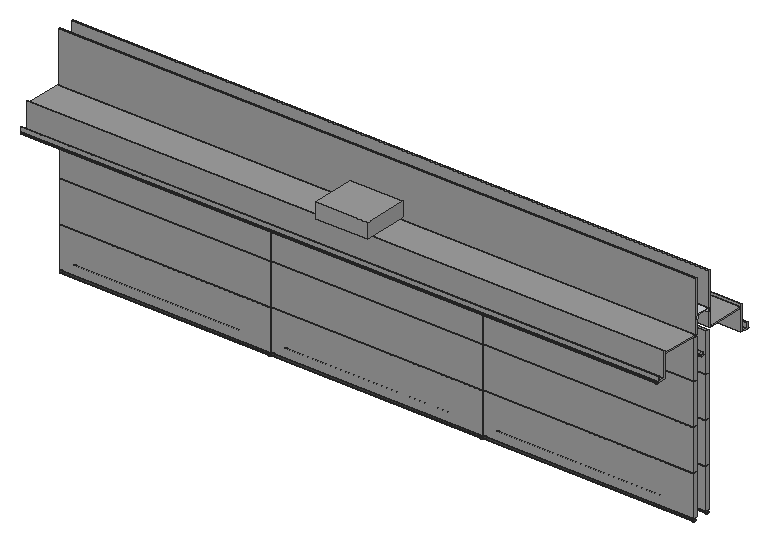
Revit family "Partition-4_Panels_High-Skyfold_Classic_Zenith-7-0_to_8-0_FC_2150_to_2440", category Generic Models, host Ceiling, Revit 2026
Family settings
  Host = Ceiling
  Can host rebar = No
  Round Connector Dimension = Use Diameter
  Part Type = Normal
  Always vertical = Yes
  Cut with Voids When Loaded = No
  Maintain Annotation Orientation = No
  Shared = No
  Room Calculation Point = No
Parameters (values of type "8' - 0"")
  Visibility Of Unfold Single Panel [instance] = and(not(Fold), Number Of Panels < 2)  # no
  Visibility Of Fold Single Panel [instance] = and(Fold, Number Of Panels < 2)  # no
  Visibility Of Fold Panels [instance] = and(Fold, Number Of Panels > 1)  # no
  URL = "http://www.skyfold.com/"
  Total Panel Height = ([Panel Height"F"] * 4) + 0' 1 1/2"  # 8' - 11 1/2"
  Pocket Material [instance] = Default
  Panel Array [instance] = if(Number Of Panels < 3, 2, Number Of Panels)  # 3
  Panel 4 Material [instance] = Default
  Panel 3 Material [instance] = Default
  Panel 2 Material [instance] = Default
  Offset Of Acoustic Barrier [instance] = Offset From Ceiling  # 0' - 0"
  Model = "Compact Drive System"
  Manufacturer = "Skyfold"
  Description = "Custom Powerlift Partitions"
  Default Elevation = 0' - 0"
  Center Pantograph Visibility [instance] = Number Of Panels > 2  # yes
  Visibility Of Single Pantograph [instance] = and(Number Of Panels = 2, Total Wall Length > 17' 0")  # no
  Total Wall Length [instance] = 35' - 0"
  Wall Thickness = 0' - 11 3/4"  # constant formula
  Unfold [instance] = and(not(Fold), Number Of Panels > 1)  # yes
  Pocket Width"E" = 5' - 2 3/4"
  Pocket Depth"D" = 1' - 2 1/2"
  Panel Length [instance] = (Total Wall Length - 0' 2" - (Number Of Panels - 1) * 0' 0 1/2") / Number Of Panels  # 11' - 7"
  Panel Height"F" = 2' - 2 1/2"
  Offset From Ceiling [instance] = 0' - 0"
  Center Pantographs [instance] = if(Number Of Panels < 3, 2, Number Of Panels - 1)  # 2
  Number Of Panels [instance] = (Total Wall Length / Max Panel Length) + 0.499  # 3
  Motor Positioning [instance] = if(or(Number Of Panels = 1, Total Wall Length < 17' 1", Number Of Panels = 3, Number Of Panels = 5, Number Of Panels = 7, Number Of Panels = 9, Number Of Panels = 11), (Total Wall Length / 2), (Total Wall Length / 2) - (Panel Length / 2))  # 17' - 6"
  Max Wall Length [instance] = 100' - 0"  # constant formula
  Max Panel Length [instance] = 12' - 0"  # constant formula
  Height Distance Between  Panels [instance] = [Panel Height"F"] + 0' 0 1/2"  # 2' - 3"
  Fold [instance] = no
  Distance From Acoustic Barrier = 0' - 2"  # constant formula
  Distance Between Panels [instance] = Panel Length + 0' 0 1/2"  # 11' - 7 1/2"
  Finished Ceiling"A" = 8' - 0"
  Panel 1 Material [instance] = Default
  Top Of Acoustic Barrier [instance] = 12' - 0"
  Assembly Code = ""
  Beam Height"B" = 10' - 2 1/4"
  Acoustic Barrier"C" = 9' - 2 1/2"
Reference planes (in)
  plane 1 "Center (Front/Back)": y = 0
  plane 2 "Ceiling": z = 96
  plane 3 "Center (Left/Right)": x = 0
  plane 4: y = -31.375
  plane 5: y = 31.375
  plane 6: y = -5.875
  plane 7: y = 5.875
  plane 8: x = 420
  plane 9: x = 1
  plane 10: x = 140.5
  plane 11: z = 96
  plane 12: z = 110.5
  plane 13: z = 0
  plane 14 "Beam height": z = 122.25
  plane 15: x = 210
  plane 16 "BOAB": z = 108.5
  plane 17: z = 96
Lines and regions (in)
  Opening 1
    outline origin (0, 3.93322, 96) x (1, 0, 0) y (0, 1, 0)
      loop
        line (0, 32.69178) -> (0, -40.55822) -> (420, -40.55822) -> (420, 32.69178) -> (0, 32.69178)
Dimensions and locks (in)
  equal spacing: host sketch curve, plane 3 "Center (Left/Right)", host sketch curve
  equal spacing: host sketch curve, plane 1 "Center (Front/Back)", host sketch curve
  host sketch curve to host sketch curve = 10' - 0"  (x2)
  plane 2 "Ceiling" to level = 7' - 0"
  equal spacing: plane 4, plane 1 "Center (Front/Back)", plane 5
  "Pocket Width"E"": plane 4 to plane 5
  equal spacing: plane 6, plane 1 "Center (Front/Back)", plane 7
  "Wall Thickness": plane 6 to plane 7
  "Total Wall Length": plane 8 to plane 3 "Center (Left/Right)"
  locked: plane 9 to plane 3 "Center (Left/Right)" at 1
  "Distance Between Panels": plane 10 to plane 9
  equal spacing: group 1, group 2, group 7  (x3)
  equal spacing: group 3, group 4, group 8  (x3)
  "Finished Ceiling"A"": plane 11 to plane 13
  "Beam Height"B"": plane 14 "Beam height" to plane 13
  locked: nested 8 to plane 3 "Center (Left/Right)" at 32
  locked: plane 8 to nested 9 at 32
  locked: nested 5 to nested 10 at 0.25
  group 5 to group 6 = 11' - 7 1/2"
  group 5 to group 6 = 0' - 0"  (x2)
  "Distance Between Panels": nested 11 to nested 10
  locked: plane 10 to nested 12 at 0.25
  "Motor Positioning": plane 15 to plane 3 "Center (Left/Right)"
  locked: plane 12 to plane 16 "BOAB" at 2
  "Offset From Ceiling": plane 11 to plane 17
  "Pocket Depth"D"": plane 12 to plane 17
  nested 1 to nested 1 = 2' - 3"
  aligned and locked: nested 1 to Opening 1 sketch curve
  aligned and locked: Opening 1 sketch curve to plane 8
  aligned and locked: plane 2 "Ceiling" to host ceiling
  aligned and locked: nested 2 to plane 1 "Center (Front/Back)"
  aligned and locked: plane 9 to nested 2
  aligned and locked: Opening 1 sketch curve to nested 1  (x2)
  aligned and locked: nested 1 to plane 3 "Center (Left/Right)"
  aligned and locked: plane 10 to nested 4
  aligned and locked: plane 10 to nested 5
  aligned and locked: plane 8 to nested 6
  aligned and locked: plane 3 "Center (Left/Right)" to nested 6
  aligned and locked: nested 13 to plane 1 "Center (Front/Back)"
  aligned and locked: plane 14 "Beam height" to nested 6
  aligned and locked: nested 1 to nested 6
  aligned and locked: plane 14 "Beam height" to nested 8
  aligned and locked: plane 14 "Beam height" to nested 12
  aligned and locked: plane 14 "Beam height" to nested 10
  aligned and locked: nested 11 to plane 14 "Beam height"
  aligned and locked: nested 9 to plane 14 "Beam height"
  aligned and locked: nested 14 to plane 1 "Center (Front/Back)"
  aligned and locked: nested 15 to nested 14
  aligned and locked: plane 9 to nested 15
  aligned and locked: nested 16 to nested 14
  aligned and locked: plane 9 to nested 16
  aligned and locked: plane 14 "Beam height" to nested 7
  aligned and locked: plane 15 to nested 7
  aligned and locked: nested 13 to plane 17
  aligned and locked: nested 3 to plane 17
  aligned and locked: nested 15 to plane 17
  aligned and locked: nested 5 to plane 17
  aligned and locked: plane 17 to nested 1
  aligned and locked: plane 2 "Ceiling" to plane 11
  aligned and locked: nested 2 to plane 16 "BOAB"
  aligned and locked: plane 16 "BOAB" to nested 14
  aligned and locked: plane 16 "BOAB" to nested 17
  aligned and locked: plane 4 to nested 21
  aligned and locked: nested 21 to plane 14 "Beam height"
  aligned and locked: nested 20 to plane 14 "Beam height"
  aligned and locked: plane 7 to nested 20
  aligned and locked: nested 19 to plane 11
  aligned and locked: plane 16 "BOAB" to nested 16
  aligned and locked: plane 5 to nested 19
Nested families (in)
  nested 1: "Pocket" at (0, -10.75, 97.30469), Offset <- "Offset Of Acoustic Barrier", Beam Height <- "Beam Height"B"", T.O. Acoustic Barrier <- "Top Of Acoustic Barrier", Total Wall Length <- "Total Wall Length", Pocket Material <- "Pocket Material", type "Pocket"
    with Total Wall Length 35' - 0", T.O. Acoustic Barrier 12' - 0", Pocket Material Default, Offset 0' - 0", Beam Height 10' - 2 1/4", Acoustic Barrier"C" 1' - 7 5/8", Pocket Width"E" 5' - 2 3/4", Pocket Depth"D" 1' - 2 1/2", Finished Ceiling"A" 8' - 0"
  nested 2: "5 panels group" at (1, 0, -125.48356), visible <- "Unfold", Panel 4 Material <- "Panel 4 Material", Panel 3 Material <- "Panel 3 Material", Panel 2 Material <- "Panel 2 Material", Panel 1 Material <- "Panel 1 Material", Panel Length <- "Panel Length", Total Panel Height <- "Total Panel Height", type "5 panels group"
    with Total Panel Height 8' - 11 1/2", Panel Length 11' - 7", Panel 4 Material Default, Panel 3 Material Default, Panel 2 Material Default, Panel 1 Material Default
  nested 3: "Horizontal panel" at (1, 12.57079, 84), visible <- "Visibility Of Fold Panels", Panel Material <- "Panel 4 Material", Panel Length <- "Panel Length", Panel Height <- "Panel Height"F"", type "Horizontal panel"
    with Panel Material Default, Panel Length 11' - 7", Panel Height 2' - 2 1/2"
  nested 4: "5 panels group" at (140.5, 0, -125.48356), visible <- "Unfold", Panel 4 Material <- "Panel 4 Material", Panel 3 Material <- "Panel 3 Material", Panel 2 Material <- "Panel 2 Material", Panel 1 Material <- "Panel 1 Material", Panel Length <- "Panel Length", Total Panel Height <- "Total Panel Height", type "5 panels group"
    with Total Panel Height 8' - 11 1/2", Panel Length 11' - 7", Panel 4 Material Default, Panel 3 Material Default, Panel 2 Material Default, Panel 1 Material Default
  nested 5: "Horizontal panel" at (140.5, 12.57079, 84), visible <- "Visibility Of Fold Panels", Panel Material <- "Panel 4 Material", Panel Length <- "Panel Length", Panel Height <- "Panel Height"F"", type "Horizontal panel"
    with Panel Material Default, Panel Length 11' - 7", Panel Height 2' - 2 1/2"
  nested 6: "Beam" at (0, -10.75, 103.55469), type "Pocket"
    with Total_Wall_Length 35' - 0"
  nested 7: "Motor" at (193, -23, 112.25), type "Compact"
  nested 8: "Pantograph" at (54.25, -4, 109.96875) x (0, 1, 0) z (0, 0, 1), type "Pantograph"
  nested 9: "Pantograph" at (410.25, -4, 109.96875) x (0, 1, 0) z (0, 0, 1), type "Pantograph"
  nested 10: "Pantograph" at (162.5, -4, 109.96875) x (0, 1, 0) z (0, 0, 1), visible <- "Center Pantograph Visibility", type "Pantograph"
    with Visibility Of Single Pantograph yes
  nested 11: "Pantograph" at (302, -4, 109.96875) x (0, 1, 0) z (0, 0, 1), visible <- "Center Pantograph Visibility", type "Pantograph"
    with Visibility Of Single Pantograph yes
  nested 12: "Pantograph" at (162.5, -4, 109.96875) x (0, 1, 0) z (0, 0, 1), visible <- "Visibility Of Single Pantograph", type "Pantograph"
  nested 13: "2D Fold Panels" at (1, 2.48811, 96) x (0, 1, 0) z (1, 0, 0), visible <- "Fold", Panel_Height <- "Panel Height"F"", type "Complete Panels"
    with Panel_Height 2' - 2 1/2"
  nested 14: "2D Unfold Panels" at (1, -0.69511, 18.09375) x (0, 1, 0) z (1, 0, 0), visible <- "Unfold", type "Unfold panels"
  nested 15: "Horizontal panel" at (1, 12.57079, 84), visible <- "Visibility Of Fold Single Panel", Panel Material <- "Panel 1 Material", Panel Length <- "Panel Length", Panel Height <- "Panel Height"F"", type "Horizontal panel"
    with Panel Material Default, Panel Length 11' - 7", Panel Height 2' - 2 1/2"
  nested 16: "5 panels group" at (1, 0, -125.48356), visible <- "Visibility Of Unfold Single Panel", Panel 4 Material <- "Panel 4 Material", Panel 3 Material <- "Panel 3 Material", Panel 2 Material <- "Panel 2 Material", Panel 1 Material <- "Panel 1 Material", Panel Length <- "Panel Length", Total Panel Height <- "Total Panel Height", type "5 panels group"
    with Total Panel Height 8' - 11 1/2", Panel Length 11' - 7", Panel 4 Material Default, Panel 3 Material Default, Panel 2 Material Default, Panel 1 Material Default
  nested 17: "5 panels group" at (280, 0, -125.48356), visible <- "Unfold", Panel 4 Material <- "Panel 4 Material", Panel 3 Material <- "Panel 3 Material", Panel 2 Material <- "Panel 2 Material", Panel 1 Material <- "Panel 1 Material", Panel Length <- "Panel Length", Total Panel Height <- "Total Panel Height", type "5 panels group"
    with Total Panel Height 8' - 11 1/2", Panel Length 11' - 7", Panel 4 Material Default, Panel 3 Material Default, Panel 2 Material Default, Panel 1 Material Default
  nested 18: "Horizontal panel" at (280, 12.57079, 84), visible <- "Visibility Of Fold Panels", Panel Material <- "Panel 4 Material", Panel Length <- "Panel Length", Panel Height <- "Panel Height"F"", type "Horizontal panel"
    with Panel Material Default, Panel Length 11' - 7", Panel Height 2' - 2 1/2"
  nested 19: "Suspended Ceiling Component" at (420, 31.375, 96) x (0, 1, 0) z (1, 0, 0), type "Suspended Ceiling Component"
  nested 20: "construction as per ASTM E557 Component" at (420, 5.875, 122.25) x (0, 1, 0) z (1, 0, 0), type "construction as per ASTM E557 Component"
  nested 21: "Disclaimer Component" at (420, -31.375, 122.25) x (0, 1, 0) z (1, 0, 0), type "Disclaimer Component"
Definition of nested family "Pocket"
  Parameters
    Total Wall Length [instance] = 35' - 0"
    T.O. Acoustic Barrier [instance] = 11' - 0"
    Pocket Width"E" = 4' - 8 5/8"
    Pocket Material [instance] = none
    Pocket Depth"D" = 1' - 2 1/4"
    Offset [instance] = 0' - 0 1/2"
    Finished Ceiling"A" = 7' - 0"
    Default Elevation = 0' - 0"
    Beam Height [instance] = 10' - 0"
    Assembly Code = ""
    Acoustic Barrier"C" [instance] = 1' - 7 5/8"
  Reference planes (in)
    plane 1 "Center (Front/Back)": y = 10.75
    plane 2: z = 12.94531
    plane 3 "Center (Left/Right)": x = 0
    plane 4: z = -1.30469
    plane 5: y = -17.5625
    plane 6: y = 39.0625
    plane 7: y = -22.8125
    plane 8: y = 44.3125
    plane 9: z = 2.32031
    plane 10: y = 4.75
    plane 11: y = 16.75
    plane 12: x = 420
    plane 13: z = 64.69531
    plane 14: z = 71.18777
    plane 15: z = 46.69531
    plane 16: z = -85.30469
    plane 17: x = 12.89513
    plane 18: x = 203.52734
    plane 19: z = 34.69531
    plane 20: z = 47.19531
  Forms (in)
    Extrusion 1, solid, material <- "Pocket Material"
      sketch origin (0, 0, 0) x (0, 1, 0) y (0, 0, 1)
        loop
          line (-22.8125, 2.32031) -> (-22.8125, -1.30469) -> (-17.5625, -1.30469) -> (-17.5625, 15.19531) -> (-18.1875, 15.19531) -> (-18.1875, -0.67969) -> (-22.1875, -0.67969) -> (-22.1875, 2.32031) -> (-22.8125, 2.32031)
        loop
          line (-17.34375, 12.94531) -> (4.53125, 12.94531) -> (4.53125, 13.57031) -> (-17.34375, 13.57031) -> (-17.34375, 12.94531)
      from 0 to 420
    Extrusion 2, solid, material <- "Pocket Material"
      sketch origin (0, 0, 0) x (0, 1, 0) y (0, 0, 1)
        loop
          line (9.75, -1.30469) -> (11.75, -1.30469) -> (11.75, -1.05469) -> (10.875, -1.05469) -> (10.875, 0.69531) -> (10.625, 0.69531) -> (10.625, -1.05469) -> (9.75, -1.05469) -> (9.75, -1.30469)
      from 0 to 420
    Extrusion 3, solid, material <- "Pocket Material"
      sketch origin (0, 0, 0) x (0, 1, 0) y (0, 0, 1)
        loop
          line (4.75, 12.94531) -> (5.75, 12.94531) -> (5.75, 47.19531) -> (4.75, 47.19531) -> (4.75, 12.94531)
      from 0 to 420
    Extrusion 4, solid, material <- "Pocket Material"
      sketch origin (0, 21.5, 0) x (0, -1, 0) y (0, 0, -1)
        loop
          line (4.75, -12.94531) -> (4.75, -47.19531) -> (5.75, -47.19531) -> (5.75, -12.94531) -> (4.75, -12.94531)
      from 0 to 420
    Extrusion 5, solid
      sketch origin (420, 0, 0) x (0, 1, 0) y (0, 0, 1)
        loop
          line (-17.5625, 13.64844) -> (-17.5625, 12.85156) -> (-16.8125, 12.85156) -> (-16.8125, 12.94531) -> (-17.46875, 12.94531) -> (-17.46875, 13.64844) -> (-17.5625, 13.64844)
      from -420 to 0
    Extrusion 6, solid, material <- "Pocket Material"
      sketch origin (420, -21.98359, 0) x (0, -1, 0) y (0, 0, -1)
        loop
          line (-26.73359, -13.64844) -> (-26.63984, -13.64844) -> (-26.63984, -12.94531) -> (-25.98359, -12.94531) -> (-25.98359, -12.85156) -> (-26.73359, -12.85156) -> (-26.73359, -13.64844)
      from -420 to 0
    Extrusion 7, solid, material <- "Pocket Material"
      sketch origin (420, -57.55768, -19.35805) x (0, -1, 0) y (0, 0, -1)
        loop
          line (-34.74518, -18.75649) -> (-34.65143, -18.75649) -> (-34.65143, -18.05336) -> (-33.99518, -18.05336) -> (-33.99518, -17.95961) -> (-34.74518, -17.95961) -> (-34.74518, -18.75649)
      from -420 to 0
    Extrusion 8, solid, material <- "Pocket Material"
      sketch origin (0, 21.5, 0) x (0, -1, 0) y (0, 0, -1)
        loop
          line (-22.8125, -2.32031) -> (-22.1875, -2.32031) -> (-22.1875, 0.67969) -> (-18.1875, 0.67969) -> (-18.1875, -15.19531) -> (-17.5625, -15.19531) -> (-17.5625, 1.30469) -> (-22.8125, 1.30469) -> (-22.8125, -2.32031)
        loop
          line (-17.34375, -12.94531) -> (-17.34375, -13.57031) -> (4.53125, -13.57031) -> (4.53125, -12.94531) -> (-17.34375, -12.94531)
      from 0 to 420
    Extrusion 9, solid, material <- "Pocket Material"
      sketch origin (420, 21.5, 0) x (0, -1, 0) y (0, 0, -1)
        loop
          line (-17.5625, -13.64844) -> (-17.46875, -13.64844) -> (-17.46875, -12.94531) -> (-16.8125, -12.94531) -> (-16.8125, -12.85156) -> (-17.5625, -12.85156) -> (-17.5625, -13.64844)
      from -420 to 0
    Extrusion 10, solid, material <- "Pocket Material"
      sketch origin (420, 43.48359, 0) x (0, 1, 0) y (0, 0, 1)
        loop
          line (-26.73359, 13.64844) -> (-26.73359, 12.85156) -> (-25.98359, 12.85156) -> (-25.98359, 12.94531) -> (-26.63984, 12.94531) -> (-26.63984, 13.64844) -> (-26.73359, 13.64844)
      from -420 to 0
    Extrusion 11, solid, material <- "Pocket Material"
      sketch origin (420, 79.05768, -19.35805) x (0, 1, 0) y (0, 0, 1)
        loop
          line (-34.74518, 18.75649) -> (-34.74518, 17.95961) -> (-33.99518, 17.95961) -> (-33.99518, 18.05336) -> (-34.65143, 18.05336) -> (-34.65143, 18.75649) -> (-34.74518, 18.75649)
      from -420 to 0
  Lines and regions (in)
    symbolic lines
      curve 1: line (420, -22.1875, -0.67969) -> (420, -18.1875, -0.67969)
      curve 2: line (420, -22.1875, 47.19531) -> (420, -22.1875, -0.67969)
      curve 3: line (420, -18.1875, 47.19531) -> (420, -22.1875, 47.19531)
      curve 4: line (420, -18.1875, -0.67969) -> (420, -18.1875, 47.19531)
      curve 5: line (420, 43.6875, -0.67969) -> (420, 39.6875, -0.67969)
      curve 6: line (420, 43.6875, 47.19531) -> (420, 43.6875, -0.67969)
      curve 7: line (420, 39.6875, 47.19531) -> (420, 43.6875, 47.19531)
      curve 8: line (420, 39.6875, -0.67969) -> (420, 39.6875, 47.19531)
    symbolic lines, detail levels medium+fine
      curve 9: line (420, 5.25, 47.19531) -> (420, 5.25, 12.94531)
      curve 10: line (420, 16.25, 12.94531) -> (420, 16.25, 47.19531)
  Dimensions and locks (in)
    locked: plane 7 to plane 5 at 5.25
    locked: plane 9 to plane 4 at 3.625
    locked: plane 6 to plane 8 at 5.25
    plane 10 to plane 1 "Center (Front/Back)" = 0' - 6"
    plane 10 to plane 11 = 1' - 0"
    "Pocket Width"E"": plane 5 to plane 6
    equal spacing: plane 5, plane 1 "Center (Front/Back)", plane 6
    "Finished Ceiling"A"": plane 4 to level
    locked: plane 7 to Extrusion 1 sketch curve at 0.625
    locked: Extrusion 1 sketch curve to plane 4 at 0.625
    locked: Extrusion 1 sketch curve to Extrusion 1 sketch curve at 0.625
    Extrusion 1 sketch curve to Extrusion 1 sketch curve = 0' - 0 5/8"
    "Total Wall Length": plane 12 to plane 3 "Center (Left/Right)"
    equal spacing: Extrusion 2 sketch curve, plane 1 "Center (Front/Back)", Extrusion 2 sketch curve  (x2)
    locked: Extrusion 2 sketch curve to plane 4 at 2
    locked: Extrusion 2 sketch curve to plane 4 at 0.25
    locked: Extrusion 2 sketch curve to plane 1 "Center (Front/Back)" at 0.125
    locked: Extrusion 1 sketch curve to Extrusion 1 sketch curve at 0.21875
    Extrusion 1 sketch curve to plane 2 = 0' - 2 1/4"
    locked: plane 10 to Extrusion 3 sketch curve at 1
    "Pocket Depth"D"": plane 2 to plane 4
    locked: plane 13 to plane 16 at 150
    "T.O. Acoustic Barrier": plane 15 to plane 16
    locked: plane 18 to plane 3 "Center (Left/Right)" at 203.52734
    "Beam Height": plane 19 to plane 16
    plane 4 to plane 16 = 7' - 0"
    Extrusion 1 to Extrusion 1 to plane 5 = 0' - 0 5/8", 0' - 0"
    Extrusion 1 sketch curve to Extrusion 1 sketch curve = 0' - 1 5/8"
    locked: Extrusion 1 sketch curve to plane 10 at 0.21875
    locked: Extrusion 5 sketch curve to Extrusion 5 sketch curve at 0.09375  (x2)
    locked: Extrusion 5 sketch curve to Extrusion 5 sketch curve at 0.79688
    locked: Extrusion 5 sketch curve to Extrusion 5 sketch curve at 0.75
    locked: Extrusion 6 sketch curve to Extrusion 6 sketch curve at 0.09375  (x2)
    locked: Extrusion 6 sketch curve to Extrusion 6 sketch curve at 0.79688
    locked: Extrusion 6 sketch curve to Extrusion 6 sketch curve at 0.75
    locked: Extrusion 7 sketch curve to Extrusion 7 sketch curve at 0.09375  (x2)
    locked: Extrusion 7 sketch curve to Extrusion 7 sketch curve at 0.79688
    locked: Extrusion 7 sketch curve to Extrusion 7 sketch curve at 0.75
    locked: Extrusion 8 sketch curve to Extrusion 8 sketch curve at 0.625
    Extrusion 8 sketch curve to Extrusion 8 sketch curve = 0' - 0 5/8"
    locked: Extrusion 8 sketch curve to Extrusion 8 sketch curve at 0.21875
    Extrusion 8 sketch curve to Extrusion 8 sketch curve = 0' - 1 5/8"
    locked: Extrusion 9 sketch curve to Extrusion 9 sketch curve at 0.09375  (x2)
    locked: Extrusion 9 sketch curve to Extrusion 9 sketch curve at 0.79688
    locked: Extrusion 9 sketch curve to Extrusion 9 sketch curve at 0.75
    locked: Extrusion 10 sketch curve to Extrusion 10 sketch curve at 0.09375  (x2)
    locked: Extrusion 10 sketch curve to Extrusion 10 sketch curve at 0.79688
    locked: Extrusion 10 sketch curve to Extrusion 10 sketch curve at 0.75
    locked: Extrusion 11 sketch curve to Extrusion 11 sketch curve at 0.09375  (x2)
    locked: Extrusion 11 sketch curve to Extrusion 11 sketch curve at 0.79688
    locked: Extrusion 11 sketch curve to Extrusion 11 sketch curve at 0.75
    "Offset": plane 20 to plane 15
    aligned and locked: plane 12 to Extrusion 1
    aligned and locked: Extrusion 2 sketch curve to Extrusion 2 sketch curve
    aligned and locked: Extrusion 2 to plane 3 "Center (Left/Right)"
    aligned and locked: plane 12 to Extrusion 2
    aligned and locked: Extrusion 3 sketch curve to plane 2
    aligned and locked: Extrusion 3 sketch curve to plane 10
    aligned: plane 15 to Extrusion 4
    aligned: plane 15 to Extrusion 3
    aligned and locked: plane 12 to Extrusion 3
    aligned and locked: plane 12 to Extrusion 4
    aligned and locked: plane 16 to level
    aligned and locked: curve 1 to Extrusion 1  (x2)
    aligned and locked: curve 4 to Extrusion 1
    aligned and locked: plane 5 to Extrusion 5
    aligned and locked: plane 2 to Extrusion 5
    aligned and locked: plane 10 to Extrusion 6
    aligned and locked: plane 2 to Extrusion 6
    aligned and locked: plane 7 to Extrusion 7
    aligned and locked: plane 4 to Extrusion 7
    aligned and locked: plane 6 to Extrusion 9
    aligned and locked: plane 4 to Extrusion 11
    aligned and locked: Extrusion 11 to plane 8
    aligned and locked: plane 12 to Extrusion 5
    aligned and locked: plane 12 to Extrusion 6
    aligned and locked: Extrusion 10 to plane 3 "Center (Left/Right)"
    aligned and locked: Extrusion 6 to plane 3 "Center (Left/Right)"
    aligned and locked: Extrusion 5 to plane 3 "Center (Left/Right)"
    aligned and locked: plane 12 to Extrusion 10
    aligned and locked: plane 12 to Extrusion 9
    aligned and locked: Extrusion 9 to plane 3 "Center (Left/Right)"
    aligned and locked: plane 12 to Extrusion 7
    aligned and locked: plane 12 to Extrusion 11
    aligned and locked: Extrusion 7 to plane 3 "Center (Left/Right)"
    aligned and locked: Extrusion 11 to plane 3 "Center (Left/Right)"
    aligned and locked: Extrusion 8 to curve 8
    aligned and locked: curve 6 to Extrusion 8
    aligned and locked: curve 5 to Extrusion 8
    aligned and locked: plane 12 to Extrusion 8
    aligned and locked: Extrusion 1 to plane 3 "Center (Left/Right)"
    aligned and locked: Extrusion 8 to plane 3 "Center (Left/Right)"
    aligned and locked: plane 20 to curve 3
    aligned and locked: curve 7 to plane 20
    aligned and locked: plane 20 to Extrusion 4
    aligned and locked: plane 20 to Extrusion 3
  Automatic sketch dimensions
    Extrusion 1 sketch curve to plane 4 = 0' - 0"
    Extrusion 1 sketch curve to plane 7 = 0' - 0"
    Extrusion 1 sketch curve to plane 5 = 0' - 0"
    Extrusion 1 sketch curve to plane 9 = 0' - 0"
    Extrusion 2 sketch curve to plane 4 = 0' - 0"
    Extrusion 2 sketch curve to Extrusion 2 sketch curve = 0' - 0 7/8"
    plane 15 to Extrusion 3 sketch curve = 0' - 0 1/2"
    Extrusion 4 sketch curve to plane 11 = 0' - 0"
    Extrusion 4 sketch curve to plane 15 = 0' - 0 1/2"
    Extrusion 4 sketch curve to plane 2 = 0' - 0"
    plane 11 to Extrusion 4 sketch curve = 0' - 1"
    Extrusion 5 sketch curve to Extrusion 3 = 0' - 0"
    Extrusion 3 to Extrusion 5 sketch curve = 1' - 10 5/16"
    Extrusion 6 sketch curve to Extrusion 3 = 0' - 0"  (x2)
    Extrusion 3 to Extrusion 7 sketch curve = 2' - 3 9/16"
    Extrusion 3 to Extrusion 7 sketch curve = 1' - 1 35/64"
    Extrusion 8 sketch curve to plane 4 = 0' - 0"
    Extrusion 8 sketch curve to plane 8 = 0' - 0"
    Extrusion 8 sketch curve to plane 9 = 0' - 0"
    Extrusion 8 sketch curve to plane 6 = 0' - 0"
    Extrusion 8 sketch curve to plane 2 = 0' - 0"
    Extrusion 8 sketch curve to Extrusion 8 sketch curve = 0' - 0 5/8"
    Extrusion 8 sketch curve to plane 11 = 0' - 0 7/32"
    Extrusion 8 sketch curve to plane 4 = 0' - 0 5/8"
    Extrusion 3 to Extrusion 9 sketch curve = 0' - 0"
    Extrusion 3 to Extrusion 9 sketch curve = 2' - 9 5/16"
    Extrusion 3 to Extrusion 10 sketch curve = 0' - 0"
    Extrusion 3 to Extrusion 10 sketch curve = 0' - 11"
    Extrusion 3 to Extrusion 11 sketch curve = 1' - 2 11/32"
    Extrusion 3 to Extrusion 11 sketch curve = 3' - 2 9/16"
    Extrusion 3 to curve 9 = 0' - 0"
    curve 9 to Extrusion 3 = 0' - 0"
    Extrusion 3 to curve 10 = 0' - 0"  (x2)
    curve 9 to Extrusion 3 = 0' - 0 1/2"
    Extrusion 3 to curve 10 = 0' - 10 1/2"
Definition of nested family "5 panels group"
  Parameters
    Total Panel Height [instance] = 9' - 2 3/4"
    Panel Length [instance] = 3' - 0"
    Panel Height = 2' - 2 1/2"
    Panel 4 Material [instance] = none
    Panel 3 Material [instance] = none
    Panel 2 Material [instance] = none
    Panel 1 Material [instance] = none
    Height Between Panels = Panel Height + 0' 0 1/2"  # 2' - 3"
    Folded Width = 0' - 11 3/4"
    Default Elevation = 0' - 0"
    Assembly Code = ""
  Reference planes (in)
    plane 1 "Center (Front/Back)": y = 0
    plane 2: z = 0
    plane 3 "Center (Left/Right)": x = 0
    plane 4: y = 5.875
    plane 5: z = 235.10856
    plane 6: y = -5.875
    plane 7: x = 36
    plane 8: z = 124.35856
    plane 9: z = 208.10856
    plane 10: z = 181.10856
    plane 11: z = 154.10856
    plane 12: z = 233.98356
  Forms (in)
    Extrusion 1, solid
      sketch origin (0, 1.79895, 58.50004) x (0, 1, 0) y (0, 0, 1)
        loop
          line (-6.80477, 64.17842) -> (-7.05382, 65.60852) -> (-6.92395, 65.60852) -> (-6.92395, 65.85854) -> (-7.67395, 65.85854) -> (-7.67395, 65.60852) -> (-7.41508, 65.60852) -> (-7.66413, 64.17842)
          arc (-7.66413, 64.17842) -> (-7.23445, 63.74874) -> (-6.80477, 64.17842) r 0.42968
      from 0 to 36
    Extrusion 2, solid
      sketch origin (0, -1.79895, 58.50004) x (0, -1, 0) y (0, 0, -1)
        loop
          arc (-6.80477, -64.17842) -> (-7.23445, -63.74874) -> (-7.66413, -64.17842) r 0.42968
          line (-7.66413, -64.17842) -> (-7.41508, -65.60852) -> (-7.67395, -65.60852) -> (-7.67395, -65.85854) -> (-6.92395, -65.85854) -> (-6.92395, -65.60852) -> (-7.05382, -65.60852) -> (-6.80477, -64.17842)
      from 0 to 36
  Dimensions and locks (in)
    equal spacing: plane 6, plane 1 "Center (Front/Back)", plane 4
    "Folded Width": plane 6 to plane 4
    "Panel Length": plane 7 to plane 3 "Center (Left/Right)"
    "Total Panel Height": plane 5 to plane 8
    equal spacing: plane 5, plane 9, plane 10, plane 11
    "Height Between Panels": plane 5 to plane 9
    locked: plane 5 to plane 12 at 1.125
    aligned: plane 4 to nested 1
    aligned: plane 6 to nested 2
    aligned and locked: plane 3 "Center (Left/Right)" to nested 1
    aligned and locked: plane 7 to Extrusion 1
    aligned and locked: Extrusion 1 to plane 3 "Center (Left/Right)"
    aligned and locked: Extrusion 1 to plane 6
    aligned and locked: Extrusion 2 to plane 3 "Center (Left/Right)"
    aligned and locked: plane 7 to Extrusion 2
    aligned and locked: plane 9 to nested 3
    aligned and locked: nested 4 to plane 9
    aligned and locked: plane 10 to nested 5
    aligned and locked: nested 6 to plane 10
    aligned and locked: plane 11 to nested 7
    aligned and locked: nested 8 to plane 11
    aligned: nested 2 to plane 12
    aligned: plane 12 to nested 1
    aligned and locked: nested 2 to plane 12
    aligned and locked: plane 12 to nested 1
    aligned and locked: plane 6 to nested 2
    aligned and locked: plane 6 to nested 4
    aligned and locked: plane 6 to nested 6
    aligned and locked: plane 6 to nested 8
    aligned and locked: plane 4 to nested 7
    aligned and locked: plane 4 to nested 5
    aligned and locked: plane 4 to nested 3
    aligned and locked: plane 4 to nested 1
  Automatic sketch dimensions
    Extrusion 1 sketch curve to plane 6 = 0' - 0"
    plane 6 to Extrusion 1 sketch curve = 0' - 0.00982"
    Extrusion 1 sketch curve to Extrusion 1 sketch curve = 0' - 0.25887"
    Extrusion 1 sketch curve to Extrusion 1 sketch curve = 0' - 0 55/128"
    Extrusion 1 sketch curve to plane 8 = 0' - 0 1/4"  (x2)
    Extrusion 1 sketch curve to Extrusion 1 sketch curve = 0' - 0.36126"
    plane 8 to Extrusion 1 sketch curve = 0' - 0"
    Extrusion 1 sketch curve to Extrusion 1 sketch curve = 0' - 0.12987"
    Extrusion 1 sketch curve to Extrusion 1 sketch curve = 0' - 1.4301"
    Extrusion 2 sketch curve to plane 4 = 0' - 0"
    plane 4 to Extrusion 2 sketch curve = 0' - 0.00982"
    Extrusion 2 sketch curve to Extrusion 2 sketch curve = 0' - 0.25887"
    Extrusion 2 sketch curve to Extrusion 2 sketch curve = 0' - 0 55/128"
    plane 8 to Extrusion 2 sketch curve = 0' - 0 1/4"  (x2)
    Extrusion 2 sketch curve to Extrusion 2 sketch curve = 0' - 0.36126"
    Extrusion 2 sketch curve to plane 8 = 0' - 0"
    Extrusion 2 sketch curve to Extrusion 2 sketch curve = 0' - 0.12987"
    Extrusion 2 sketch curve to Extrusion 2 sketch curve = 0' - 1.4301"
  Nested families (in)
    nested 1: "Top panel" at (0, 3.625, 208.60856), Panel Length <- "Panel Length", Panel Height <- "Panel Height", Panel Material <- "Panel 1 Material", type "Panneau_top"
      with Panel Material none, Panel Length 3' - 0", Panel Height 2' - 2 1/2"
    nested 2: "Top panel" at (0, -3.625, 208.60856), Panel Length <- "Panel Length", Panel Height <- "Panel Height", Panel Material <- "Panel 1 Material", type "Panneau_top"
      with Panel Material none, Panel Length 3' - 0", Panel Height 2' - 2 1/2"
    nested 3: "Panneau_top" at (0, 3.625, 181.60856), panel_height <- "Panel Height", panel_length <- "Panel Length", Panel_Material <- "Panel 2 Material", type "Panneau_top"
      with panel_length 3' - 0", panel_height 2' - 2 1/2", Panel_Material none
    nested 4: "Panneau_top" at (0, -3.625, 181.60856), panel_height <- "Panel Height", panel_length <- "Panel Length", Panel_Material <- "Panel 2 Material", type "Panneau_top"
      with panel_length 3' - 0", panel_height 2' - 2 1/2", Panel_Material none
    nested 5: "Panneau_top" at (0, 3.625, 154.60856), panel_height <- "Panel Height", panel_length <- "Panel Length", Panel_Material <- "Panel 3 Material", type "Panneau_top"
      with panel_length 3' - 0", panel_height 2' - 2 1/2", Panel_Material none
    nested 6: "Panneau_top" at (0, -3.625, 154.60856), panel_height <- "Panel Height", panel_length <- "Panel Length", Panel_Material <- "Panel 3 Material", type "Panneau_top"
      with panel_length 3' - 0", panel_height 2' - 2 1/2", Panel_Material none
    nested 7: "Panneau_top" at (0, 3.625, 127.60856), panel_height <- "Panel Height", panel_length <- "Panel Length", Panel_Material <- "Panel 4 Material", type "Panneau_top"
      with panel_length 3' - 0", panel_height 2' - 2 1/2", Panel_Material none
    nested 8: "Panneau_top" at (0, -3.625, 127.60856), panel_height <- "Panel Height", panel_length <- "Panel Length", Panel_Material <- "Panel 4 Material", type "Panneau_top"
      with panel_length 3' - 0", panel_height 2' - 2 1/2", Panel_Material none
  Definition of nested family "Top panel"
    Parameters
      Panel Length [instance] = 4' - 0"
      Panel Height [instance] = 4' - 0"
      Panel Material [instance] = none
      Default Elevation = 0' - 0"
      Assembly Code = ""
    Reference planes (in)
      plane 1 "Center (Front/Back)": y = 0
      plane 2: z = 0
      plane 3 "Center (Left/Right)": x = 0
      plane 4: z = 48
      plane 5: x = 48
      plane 6: z = 46.875
    Forms (in)
      Extrusion 1, solid, material <- "Panel Material"
        sketch origin (0, 1.5, 0) x (0, 1, 0) y (0, 0, 1)
          loop
            line (-1.5, 46.875) -> (-1.5, 0) -> (0.75, 0) -> (0.75, 46.875) -> (-1.5, 46.875)
        from 0 to 48
    Dimensions and locks (in)
      "Panel Length": plane 5 to plane 3 "Center (Left/Right)"
      "Panel Height": plane 4 to plane 2
      locked: plane 1 "Center (Front/Back)" to Extrusion 1 at 2.25
      locked: plane 4 to plane 6 at 1.125
      aligned: plane 4 to Extrusion 1
      aligned and locked: plane 5 to Extrusion 1
      aligned and locked: Extrusion 1 sketch curve to plane 2
      aligned and locked: plane 1 "Center (Front/Back)" to Extrusion 1
      aligned and locked: plane 6 to Extrusion 1
    Automatic sketch dimensions
      Extrusion 1 sketch curve to plane 4 = 0' - 1 1/8"
      Extrusion 1 sketch curve to Extrusion 1 sketch curve = 0' - 2 1/4"
      Extrusion 1 sketch curve to plane 1 "Center (Front/Back)" = 0' - 0"
  Definition of nested family "Panneau_top"
    Parameters
      panel_length [instance] = 4' - 0"
      panel_height [instance] = 4' - 0"
      Panel_Material [instance] = none
      Default Elevation = 0' - 0"
      Assembly Code = ""
    Reference planes (in)
      plane 1 "Center (Front/Back)": y = 0
      plane 2: z = 0
      plane 3 "Center (Left/Right)": x = 0
      plane 4: z = 48
      plane 5: x = 48
    Forms (in)
      Extrusion 1, solid, material <- "Panel_Material"
        sketch origin (0, 1.5, 0) x (0, 1, 0) y (0, 0, 1)
          loop
            line (-1.5, 48) -> (-1.5, 0) -> (0.75, 0) -> (0.75, 48) -> (-1.5, 48)
        from 0 to 48
    Dimensions and locks (in)
      "panel_length": plane 5 to plane 3 "Center (Left/Right)"
      "panel_height": plane 4 to plane 2
      locked: plane 1 "Center (Front/Back)" to Extrusion 1 at 2.25
      aligned and locked: plane 4 to Extrusion 1
      aligned and locked: plane 5 to Extrusion 1
      aligned and locked: Extrusion 1 sketch curve to plane 2
      aligned and locked: plane 1 "Center (Front/Back)" to Extrusion 1
    Automatic sketch dimensions
      Extrusion 1 sketch curve to plane 4 = 0' - 0"
      Extrusion 1 sketch curve to Extrusion 1 sketch curve = 0' - 2 1/4"
      Extrusion 1 sketch curve to plane 1 "Center (Front/Back)" = 0' - 0"
Definition of nested family "Horizontal panel"
  Parameters
    Pocket Depth = 3' - 0"
    Panel Length [instance] = 4' - 0"
    Panel Height [instance] = 3' - 0"
    Panel Material [instance] = none
    Default Elevation = 0' - 0"
    Assembly Code = ""
  Reference planes (in)
    plane 1 "Center (Front/Back)": y = -12.57079
    plane 2: z = 0
    plane 3 "Center (Left/Right)": x = 0
    plane 4: z = 48
    plane 5: x = 48
    plane 6: y = -15.82079
    plane 7: y = -9.32079
    plane 8: z = 12
    plane 9: y = 26.67921
    plane 10: z = 14.25
    plane 11: y = -51.82079
  Forms (in)
    Extrusion 1, solid, material <- "Panel Material"
      sketch origin (0, 5.05768, 40.06591) x (0, 0, -1) y (0, 1, 0)
        loop
          line (25.81591, 21.62154) -> (25.81591, -14.37846) -> (28.06591, -14.37846) -> (28.06591, 21.62154) -> (25.81591, 21.62154)
      from 0 to 48
    Extrusion 2, solid, material <- "Panel Material"
      sketch origin (0, -28.3555, 40.06591) x (0, 0, -1) y (0, 1, 0)
        loop
          line (25.81591, -23.46529) -> (28.06591, -23.46529) -> (28.06591, 12.53471) -> (25.81591, 12.53471) -> (25.81591, -23.46529)
      from 0 to 48
    Extrusion 3, solid
      sketch origin (0, 0, 0) x (0, 1, 0) y (0, 0, 1)
        loop
          line (-13.96908, 12.83522) -> (-15.57077, 12.58617) -> (-15.57077, 12.71604) -> (-15.82079, 12.71604) -> (-15.82079, 12) -> (-15.57077, 12) -> (-15.57077, 12.22491) -> (-13.96908, 11.97586)
          arc (-13.96908, 11.97586) -> (-13.5394, 12.40554) -> (-13.96908, 12.83522) r 0.42968
      from 0 to 48
    Extrusion 4, solid
      sketch origin (0, -25.14157, 0) x (0, -1, 0) y (0, 0, -1)
        loop
          arc (-13.96908, -12.83522) -> (-13.5394, -12.40554) -> (-13.96908, -11.97586) r 0.42968
          line (-13.96908, -11.97586) -> (-15.57077, -12.22491) -> (-15.57077, -12) -> (-15.82079, -12) -> (-15.82079, -12.71604) -> (-15.57077, -12.71604) -> (-15.57077, -12.58617) -> (-13.96908, -12.83522)
      from 0 to 48
  Dimensions and locks (in)
    "Panel Length": plane 5 to plane 3 "Center (Left/Right)"
    equal spacing: plane 6, plane 1 "Center (Front/Back)", plane 7
    locked: plane 6 to plane 7 at 6.5
    "Pocket Depth": plane 4 to plane 8
    "Panel Height": plane 7 to plane 9
    locked: plane 10 to plane 8 at 2.25
    "Panel Height": plane 11 to plane 6
    aligned: Extrusion 1 to plane 4
    aligned and locked: plane 5 to Extrusion 1
    aligned and locked: Extrusion 1 to plane 7
    aligned and locked: plane 9 to Extrusion 1
    aligned and locked: Extrusion 1 to plane 8
    aligned and locked: plane 10 to Extrusion 1
    aligned and locked: Extrusion 2 to plane 11
    aligned and locked: plane 5 to Extrusion 2
    aligned and locked: import instance to plane 8
    aligned and locked: import instance to plane 6
    aligned and locked: Extrusion 3 sketch curve to import instance  (x8)
    aligned and locked: Extrusion 4 sketch curve to import instance  (x8)
    aligned and locked: Extrusion 3 to plane 3 "Center (Left/Right)"
    aligned and locked: plane 5 to Extrusion 4
    aligned and locked: plane 5 to Extrusion 3
    aligned and locked: Extrusion 4 to plane 3 "Center (Left/Right)"
  Automatic sketch dimensions
    Extrusion 3 sketch curve to Extrusion 3 sketch curve = 0' - 0.12987"
    Extrusion 1 sketch curve to plane 7 = 0' - 0"
    Extrusion 1 sketch curve to plane 10 = 0' - 0"
    Extrusion 1 sketch curve to plane 8 = 0' - 0"
    Extrusion 1 sketch curve to plane 9 = 0' - 0"
    Extrusion 2 sketch curve to plane 6 = 0' - 0"
    Extrusion 2 sketch curve to plane 10 = 0' - 0"
    Extrusion 2 sketch curve to plane 8 = 0' - 0"
    Extrusion 2 sketch curve to plane 11 = 0' - 0"
    Extrusion 4 sketch curve to Extrusion 4 sketch curve = 0' - 0.12987"
Definition of nested family "Beam"
  Parameters
    Total_Wall_Length [instance] = 4' - 0"
    Default Elevation = 0' - 0"
    Assembly Code = ""
  Reference planes (in)
    plane 1 "Center (Front/Back)": y = 10.75
    plane 2: z = 18.69531
    plane 3 "Center (Left/Right)": x = 0
    plane 4: y = 4.75
    plane 5: y = 16.75
    plane 6: x = 48
    plane 7: z = 46.69531
    plane 8: z = -103.30469
  Forms (in)
    Extrusion 1, solid
      sketch origin (0, 0, -30) x (0, 1, 0) y (0, 0, 1)
        loop
          line (5.75, 48.69531) -> (5.75, 46.07031) -> (6.125, 46.07031) -> (6.125, 48.32031) -> (15.375, 48.32031) -> (15.375, 46.07031) -> (15.75, 46.07031) -> (15.75, 48.69531) -> (5.75, 48.69531)
      from 0 to 48
  Dimensions and locks (in)
    plane 4 to plane 1 "Center (Front/Back)" = 0' - 6"
    plane 4 to plane 5 = 1' - 0"
    "Total_Wall_Length": plane 6 to plane 3 "Center (Left/Right)"
    Extrusion 1 sketch curve to Extrusion 1 sketch curve = 0' - 10"
    Extrusion 1 sketch curve to Extrusion 1 sketch curve = 0' - 9 1/4"
    locked: Extrusion 1 sketch curve to Extrusion 1 sketch curve at 0.375  (x2)
    locked: Extrusion 1 sketch curve to Extrusion 1 sketch curve at 2.625
    aligned and locked: plane 8 to level
    aligned and locked: Extrusion 1 sketch curve to Extrusion 1 sketch curve
    aligned and locked: plane 6 to Extrusion 1
    aligned and locked: Extrusion 1 to plane 3 "Center (Left/Right)"
  Automatic sketch dimensions
    Extrusion 1 sketch curve to plane 2 = 0' - 0"
    plane 4 to Extrusion 1 sketch curve = 0' - 1"
    Extrusion 1 sketch curve to plane 5 = 0' - 1 3/8"
    Extrusion 1 sketch curve to Extrusion 1 sketch curve = 0' - 0 3/8"
Definition of nested family "Motor"
  Parameters
    Motor_Width = 5' - 10"
    Motor_Length = 2' - 10"
    Motor_Height = 0' - 10"
    Default Elevation = 0' - 0"
    Assembly Code = ""
  Reference planes (in)
    plane 1 "Center (Front/Back)": y = 23
    plane 2: z = 0
    plane 3 "Center (Left/Right)": x = 0
    plane 4: y = -12
    plane 5: y = 58
    plane 6: z = 10
    plane 7: x = 34
    plane 8: x = 17
  Forms (in)
    Extrusion 1, solid
      sketch origin (0, 0, 0) x (0, 1, 0) y (0, 0, 1)
        loop
          line (-12, 10) -> (-12, 0) -> (58, 0) -> (58, 10) -> (-12, 10)
      from 0 to 34
  Dimensions and locks (in)
    equal spacing: plane 4, plane 1 "Center (Front/Back)", plane 5
    "Motor_Width": plane 4 to plane 5
    "Motor_Height": plane 6 to plane 2
    "Motor_Length": plane 7 to plane 3 "Center (Left/Right)"
    equal spacing: plane 7, plane 8, plane 3 "Center (Left/Right)"
    aligned and locked: plane 4 to Extrusion 1 sketch curve
    aligned and locked: Extrusion 1 sketch curve to plane 6
    aligned and locked: level to Extrusion 1 sketch curve
    aligned and locked: Extrusion 1 sketch curve to plane 5
    aligned and locked: plane 7 to Extrusion 1
    aligned and locked: nested 1 to plane 1 "Center (Front/Back)"
    aligned and locked: plane 6 to nested 1
  Nested families (in)
    nested 1: "Famille12" at (34, 18.89727, 1.99211) x (0, 1, 0) z (1, 0, 0), type "Famille12"
  Definition of nested family "Famille12"
    Reference planes (in)
      plane 1 "Centre (avant/arrière)": y = 1.97983
      plane 2: z = 0
      plane 3 "Centre (gauche/droite)": x = 4.10273
    Dimensions and locks (in)
      equal spacing: import instance, plane 3 "Centre (gauche/droite)", import instance
      equal spacing: import instance, plane 1 "Centre (avant/arrière)", import instance
Definition of nested family "Pantograph"
  Parameters
    Visibility Of Single Pantograph [instance] = yes
    Default Elevation = 0' - 0"
    Assembly Code = ""
  Reference planes (in)
    plane 1 "Center (Front/Back)": y = 22.25
    plane 2: z = 0
    plane 3 "Center (Left/Right)": x = 0
    plane 4: y = 6
    plane 5: y = 38.5
    plane 6: z = 4.5
    plane 7: x = 8
    plane 8: z = 12.28125
    plane 9: x = 4
  Forms (in)
    Extrusion 1, solid, visible <- "Visibility Of Single Pantograph"
      sketch origin (0, 0, 0) x (0, 1, 0) y (0, 0, 1)
        loop
          line (6, 4.5) -> (6, 0) -> (38.5, 0) -> (38.5, 4.5) -> (27.75, 4.5) -> (27.75, 12.28125) -> (16.75, 12.28125) -> (16.75, 4.5) -> (6, 4.5)
      from 0 to 8
  Dimensions and locks (in)
    equal spacing: plane 4, plane 1 "Center (Front/Back)", plane 5
    locked: Extrusion 1 sketch curve to Extrusion 1 sketch curve at 11
    equal spacing: Extrusion 1 sketch curve, plane 1 "Center (Front/Back)", Extrusion 1 sketch curve
    locked: plane 6 to plane 2 at 4.5
    locked: plane 8 to plane 2 at 12.28125
    locked: plane 4 to plane 5 at 32.5
    locked: plane 7 to plane 3 "Center (Left/Right)" at 8
    equal spacing: plane 3 "Center (Left/Right)", plane 9, plane 7
    aligned and locked: plane 4 to Extrusion 1 sketch curve
    aligned and locked: Extrusion 1 sketch curve to plane 6
    aligned and locked: level to Extrusion 1 sketch curve
    aligned and locked: Extrusion 1 sketch curve to plane 5
    aligned and locked: plane 7 to Extrusion 1
    aligned and locked: plane 8 to Extrusion 1
  Automatic sketch dimensions
    Extrusion 1 sketch curve to plane 6 = 0' - 0"
    Extrusion 1 sketch curve to Extrusion 1 sketch curve = 0' - 7 25/32"
Definition of nested family "2D Fold Panels"
  Parameters
    Panel_Height [instance] = 1' - 6"
    Assembly Code = ""
  Reference planes (in)
    plane 1 "Center (Front/Back)": y = 0
    plane 2: z = 0
    plane 3 "Center (Left/Right)": x = -2.48811
    plane 4: x = -5.73811
    plane 5: x = 0.76189
    plane 6: x = -23.73811
    plane 7: x = 18.76189
  Lines and regions (in)
    detail lines, in view "Ref. Level"
      curve 1: line (-18.64888, 11.11006, 0) -> (-11.15205, 11.11006, 0)
      curve 2: line (-18.64888, 8.86006, 0) -> (-11.15205, 8.86006, 0)
      curve 3: line (-11.15205, 8.73506, 0) -> (-18.64888, 8.73506, 0)
      curve 4: line (-18.64888, 6.48506, 0) -> (-11.15205, 6.48506, 0)
      curve 5: line (-11.15205, 4.625, 0) -> (-18.64888, 4.625, 0)
      curve 6: line (-18.64888, 2.375, 0) -> (-11.15205, 2.375, 0)
      curve 7: line (-11.15205, 2.25, 0) -> (-18.64888, 2.25, 0)
      curve 8: line (-18.64888, 0, 0) -> (-11.15205, 0, 0)
      curve 9: line (6.17584, 11.11006, 0) -> (13.67267, 11.11006, 0)
      curve 10: line (6.17584, 8.86006, 0) -> (13.67267, 8.86006, 0)
      curve 11: line (6.17584, 8.73506, 0) -> (13.67267, 8.73506, 0)
      curve 12: line (13.67267, 6.48506, 0) -> (6.17584, 6.48506, 0)
      curve 13: line (6.17584, 4.625, 0) -> (13.67267, 4.625, 0)
      curve 14: line (13.67267, 2.375, 0) -> (6.17584, 2.375, 0)
      curve 15: line (6.17584, 2.25, 0) -> (13.67267, 2.25, 0)
      curve 16: line (13.67267, 0, 0) -> (6.17584, 0, 0)
  Dimensions and locks (in)
    equal spacing: plane 4, plane 3 "Center (Left/Right)", plane 5
    locked: plane 4 to plane 5 at 6.5
    "Panel_Height": plane 6 to plane 4
    "Panel_Height": plane 5 to plane 7
    aligned: nested 2 to plane 4
    aligned: nested 4 to plane 5
    aligned and locked: plane 1 "Center (Front/Back)" to nested 1
    aligned and locked: plane 1 "Center (Front/Back)" to nested 2
    aligned and locked: nested 4 to plane 1 "Center (Front/Back)"
    aligned and locked: nested 3 to plane 1 "Center (Front/Back)"
    aligned and locked: plane 6 to nested 1
    aligned and locked: plane 7 to nested 3
    aligned and locked: nested 2 to plane 4
    aligned and locked: nested 4 to plane 5
  Automatic sketch dimensions
    plane 1 "Center (Front/Back)" to curve 8 = 0' - 0"
    plane 1 "Center (Front/Back)" to curve 16 = 0' - 0"
    plane 6 to curve 8 = 0' - 5.08923"
    curve 7 to curve 8 = 0' - 0"
    curve 2 to curve 1 = 0' - 0"
    curve 6 to curve 7 = 0' - 0"  (x2)
    curve 3 to curve 2 = 0' - 0"
    curve 4 to curve 3 = 0' - 0"
    curve 5 to curve 4 = 0' - 0"
    curve 5 to plane 4 = 0' - 5.41394"
    curve 4 to curve 5 = 0' - 0"
    curve 3 to curve 4 = 0' - 0"
    curve 2 to curve 3 = 0' - 0"
    curve 7 to curve 5 = 0' - 0"
    curve 1 to curve 2 = 0' - 0"
    curve 8 to curve 7 = 0' - 0"
    curve 11 to curve 10 = 0' - 0"
    plane 5 to curve 16 = 0' - 5.41394"
    curve 12 to curve 11 = 0' - 0"
    curve 13 to curve 12 = 0' - 0"
    curve 15 to curve 16 = 0' - 0"
    curve 14 to curve 15 = 0' - 0"  (x2)
    curve 13 to plane 7 = 0' - 5.08923"
    curve 15 to curve 13 = 0' - 0"
    curve 16 to curve 15 = 0' - 0"
    curve 12 to curve 13 = 0' - 0"
    curve 11 to curve 12 = 0' - 0"
    curve 10 to curve 11 = 0' - 0"
    curve 9 to curve 10 = 0' - 0"
    curve 16 to curve 15 = 0' - 2 1/4"
    curve 7 to plane 1 "Center (Front/Back)" = 0' - 2 1/4"
    curve 15 to curve 14 = 0' - 0 1/8"
    curve 7 to curve 6 = 0' - 0 1/8"
    curve 6 to curve 5 = 0' - 2 1/4"
    curve 14 to curve 13 = 0' - 2 1/4"
    curve 5 to curve 4 = 0' - 1.86006"
    curve 13 to curve 12 = 0' - 1.86006"
    curve 12 to curve 11 = 0' - 2 1/4"
    curve 4 to curve 3 = 0' - 2 1/4"
    curve 3 to curve 2 = 0' - 0 1/8"
    curve 11 to curve 10 = 0' - 0 1/8"
    curve 2 to curve 1 = 0' - 2 1/4"
    curve 10 to curve 9 = 0' - 2 1/4"
    plane 6 to curve 1 = 0' - 5.08923"
    plane 5 to curve 9 = 0' - 5.41394"
    curve 10 to curve 9 = 0' - 0"
  Nested families (in)
    nested 1: "2D Ext Panels" at (-15.49724, 0, 0), type "panels", in view "Ref. Level"
    nested 2: "2D Int Panels" at (12.13272, 0, 0), type "Panels", in view "Ref. Level"
    nested 3: "2D Ext Panels" at (10.52102, 0, 0) x (-1, 0, 0) z (0, 0, 1), type "panels", in view "Ref. Level"
    nested 4: "2D Int Panels" at (-17.10894, 0, 0) x (-1, 0, 0) z (0, 0, 1), type "Panels", in view "Ref. Level"
  Definition of nested family "2D Ext Panels"
    Parameters
      Assembly Code = ""
    Reference planes (in)
      plane 1 "Center (Front/Back)": y = 0
      plane 2: z = 0
      plane 3 "Center (Left/Right)": x = 0
    Lines and regions (in)
      model lines, in view "Ref. Level"
        curve 1: line (-3.15164, 2.25, 0) -> (-7.51926, 2.25, 0)
        curve 2: line (-7.51926, 2.25, 0) -> (-8.31196, 1.4573, 0)
        curve 3: line (-8.31196, 1.4573, 0) -> (-8.31196, 0, 0)
        curve 4: line (-8.31196, 0, 0) -> (-3.15164, 0, 0)
        curve 5: line (-3.15164, 8.86006, 0) -> (-7.45687, 8.86006, 0)
        curve 6: line (-7.45687, 8.86006, 0) -> (-8.24087, 9.64406, 0)
        curve 7: line (-8.24087, 9.64406, 0) -> (-8.24087, 11.11006, 0)
        curve 8: line (-8.24087, 11.11006, 0) -> (-3.15164, 11.11006, 0)
        curve 9: line (-3.15164, 6.48506, 0) -> (-8.24087, 6.48506, 0)
        curve 10: line (-8.24087, 6.48506, 0) -> (-8.24087, 7.95106, 0)
        curve 11: line (-8.24087, 7.95106, 0) -> (-7.45687, 8.73506, 0)
        curve 12: line (-7.45687, 8.73506, 0) -> (-3.15164, 8.73506, 0)
        curve 13: line (-3.15164, 2.375, 0) -> (-7.52796, 2.375, 0)
        curve 14: line (-7.52796, 2.375, 0) -> (-8.31196, 3.159, 0)
        curve 15: line (-8.31196, 3.159, 0) -> (-8.31196, 4.625, 0)
        curve 16: line (-8.31196, 4.625, 0) -> (-3.15164, 4.625, 0)
  Definition of nested family "2D Int Panels"
    Parameters
      Assembly Code = ""
    Reference planes (in)
      plane 1 "Center (Front/Back)": y = 0
      plane 2: z = 0
      plane 3 "Center (Left/Right)": x = -12.78401
      plane 4: y = 6.48506
    Lines and regions (in)
      model lines, in view "Ref. Level"
        curve 1: arc (-16.55211, 0.06825, 0) -> (-16.24953, 0.15463, 0) -> (-16.11168, 0.4375, 0) r 0.38616
        curve 2: arc (-16.11168, 0.4375, 0) -> (-16.23386, 0.72219, 0) -> (-16.531, 0.80987, 0) r 0.36427
        curve 3: arc (-17.59327, 11.04181, 0) -> (-17.29068, 10.95544, 0) -> (-17.15283, 10.67256, 0) r 0.38616
        curve 4: arc (-17.15283, 10.67256, 0) -> (-17.27502, 10.38787, 0) -> (-17.57215, 10.30019, 0) r 0.36427
        curve 5: line (-26.32421, 0, 0) -> (-17.87083, 0, 0)
        curve 6: line (-17.87083, 0, 0) -> (-17.87083, 0.24995, 0)
        curve 7: line (-17.87083, 0.24995, 0) -> (-16.55211, 0.06825, 0)
        curve 8: line (-16.531, 0.80987, 0) -> (-17.72553, 0.63308, 0)
        curve 9: line (-17.72553, 0.63308, 0) -> (-17.87083, 0.62287, 0)
        curve 10: line (-17.87083, 0.62287, 0) -> (-17.87083, 0.75, 0)
        curve 11: line (-17.87083, 0.75, 0) -> (-18.38883, 0.75, 0)
        curve 12: line (-18.38883, 0.75, 0) -> (-18.38883, 2.25, 0)
        curve 13: line (-18.38883, 2.25, 0) -> (-26.32421, 2.25, 0)
        curve 14: line (-26.32421, 4.625, 0) -> (-17.87083, 4.625, 0)
        curve 15: line (-17.87083, 4.625, 0) -> (-17.87083, 4.375, 0)
        curve 16: line (-17.87083, 4.375, 0) -> (-18.37083, 4.375, 0)
        curve 17: line (-18.37083, 4.375, 0) -> (-18.37083, 2.375, 0)
        curve 18: line (-18.37083, 2.375, 0) -> (-26.32421, 2.375, 0)
        curve 19: line (-26.32421, 8.73506, 0) -> (-17.87083, 8.73506, 0)
        curve 20: line (-17.87083, 8.73506, 0) -> (-17.87083, 6.48506, 0)
        curve 21: line (-17.87083, 6.48506, 0) -> (-26.32421, 6.48506, 0)
        curve 22: line (-26.32421, 11.11006, 0) -> (-18.87083, 11.11006, 0)
        curve 23: line (-18.87083, 11.11006, 0) -> (-18.868, 10.86011, 0)
        curve 24: line (-18.868, 10.86011, 0) -> (-17.59327, 11.04181, 0)
        curve 25: line (-17.57215, 10.30019, 0) -> (-18.76668, 10.47698, 0)
        curve 26: line (-18.76668, 10.47698, 0) -> (-18.90283, 10.48737, 0)
        curve 27: line (-18.90283, 10.48737, 0) -> (-18.90283, 10.36006, 0)
        curve 28: line (-18.90283, 10.36006, 0) -> (-19.17083, 10.36006, 0)
        curve 29: line (-19.17083, 10.36006, 0) -> (-19.17083, 8.86006, 0)
        curve 30: line (-19.17083, 8.86006, 0) -> (-26.32421, 8.86006, 0)
Definition of nested family "2D Unfold Panels"
  Parameters
    Wall thickness = 0' - 11 3/4"
    Distance_Between_Panels = 2' - 3"
    Assembly Code = ""
  Reference planes (in)
    plane 1: z = 0
    plane 2 "Center (Left/Right)": x = 0.69511
    plane 3: y = 92
    plane 4: y = 65
    plane 5: y = 38
    plane 6: y = 11
    plane 7: y = -16
    plane 8: y = 90.40625
    plane 9: x = -5.17989
    plane 10: x = 6.57011
  Lines and regions (in)
    detail lines, in view "Ref. Level"
      curve 1: line (-5.17989, 87.75359, 0) -> (-5.17989, 68.81444, 0)
      curve 2: line (-2.92978, 87.75359, 0) -> (-2.92978, 68.81444, 0)
      curve 3: line (-5.17989, 61.96489, 0) -> (-5.17989, 40.31444, 0)
      curve 4: line (-2.92978, 61.99919, 0) -> (-2.92978, 40.31444, 0)
      curve 5: line (4.31999, 40.31444, 0) -> (4.31999, 61.96489, 0)
      curve 6: line (6.57011, 61.96489, 0) -> (6.57011, 40.31444, 0)
      curve 7: line (-2.92978, 35.22786, 0) -> (-2.92978, 13.20598, 0)
      curve 8: line (-5.17989, 13.20598, 0) -> (-5.17989, 35.22786, 0)
      curve 9: line (-5.17989, 7.96489, 0) -> (-5.17989, -13.68556, 0)
      curve 10: line (-2.92978, 7.96489, 0) -> (-2.92978, -13.68556, 0)
      curve 11: line (6.57011, 87.75359, 0) -> (6.57011, 68.81444, 0)
      curve 12: line (4.31999, 87.75359, 0) -> (4.31999, 68.81444, 0)
      curve 13: line (6.57011, 7.96489, 0) -> (6.57011, -13.68556, 0)
      curve 14: line (4.31999, 7.96489, 0) -> (4.31999, -13.68556, 0)
      curve 15: line (4.31999, 35.22786, 0) -> (4.31999, 13.20598, 0)
      curve 16: line (6.57011, 13.20598, 0) -> (6.57011, 35.22786, 0)
  Dimensions and locks (in)
    equal spacing: group 1, group 2, group 3, group 4, group 5  (x2)
    equal spacing: group 5, group 4, group 3, group 2, group 1
    "Distance_Between_Panels": plane 4 to plane 3
    plane 8 to plane 3 = 0' - 1 19/32"
    "Wall thickness": plane 9 to plane 10
    equal spacing: plane 9, plane 2 "Center (Left/Right)", plane 10
    aligned and locked: plane 2 "Center (Left/Right)" to nested 1
    aligned and locked: plane 2 "Center (Left/Right)" to nested 2
    aligned and locked: plane 2 "Center (Left/Right)" to nested 3
    aligned and locked: plane 2 "Center (Left/Right)" to nested 4
    aligned: plane 5 to nested 3
    aligned: plane 6 to nested 2
    aligned: plane 7 to nested 5
    aligned: nested 2 to plane 6
    aligned: nested 3 to plane 5
    aligned and locked: nested 5 to plane 6
    aligned and locked: nested 2 to plane 5
    aligned and locked: nested 3 to plane 4
    aligned and locked: plane 7 to nested 1
    aligned and locked: curve 10 to nested 5
    aligned and locked: nested 5 to curve 9
    aligned and locked: curve 8 to nested 2
    aligned and locked: curve 7 to nested 2
    aligned and locked: nested 3 to curve 4
    aligned and locked: curve 5 to curve 3
    aligned and locked: nested 4 to plane 8
    aligned and locked: curve 1 to plane 9
    aligned and locked: nested 4 to curve 2
    aligned and locked: plane 2 "Center (Left/Right)" to nested 5
    aligned and locked: curve 3 to plane 9
    aligned and locked: curve 4 to nested 3
    aligned and locked: curve 6 to plane 10
  Automatic sketch dimensions
    curve 13 to plane 10 = 0' - 0"
    curve 11 to plane 10 = 0' - 0"
    curve 16 to plane 10 = 0' - 0"
    curve 5 to plane 10 = 0' - 2.25011"
    curve 15 to curve 16 = 0' - 2.25011"
    curve 14 to plane 10 = 0' - 2.25011"
    curve 12 to curve 11 = 0' - 2.25011"
    plane 4 to curve 6 = 0' - 3.03511"
    curve 5 to curve 6 = 0' - 0"  (x2)
    curve 5 to plane 5 = 0' - 2.31444"
    curve 4 to plane 5 = 0' - 2.31444"
    curve 3 to curve 4 = 0' - 0"
    plane 5 to curve 8 = 0' - 2.77214"
    plane 5 to curve 15 = 0' - 2.77214"
    curve 15 to curve 16 = 0' - 0"
    curve 8 to curve 7 = 0' - 0"
    curve 8 to plane 6 = 0' - 2.20598"
    curve 7 to plane 6 = 0' - 2.20598"
    curve 16 to plane 6 = 0' - 2.20598"
    curve 15 to plane 6 = 0' - 2.20598"
    plane 6 to curve 13 = 0' - 3.03511"
    plane 6 to curve 9 = 0' - 3.03511"
    curve 9 to curve 10 = 0' - 0"  (x2)
    curve 14 to curve 13 = 0' - 0"  (x2)
    curve 13 to plane 7 = 0' - 2.31444"
    curve 10 to plane 7 = 0' - 2.31444"
    curve 1 to plane 4 = 0' - 3.81444"
    curve 1 to curve 2 = 0' - 0"  (x2)
    curve 11 to plane 4 = 0' - 3.81444"
    curve 12 to curve 11 = 0' - 0"  (x2)
    curve 2 to plane 8 = 0' - 2.65266"
    curve 11 to plane 8 = 0' - 2.65266"
  Nested families (in)
    nested 1: "vert fin bas" at (0.87658, -11.75643, 0), type "vert fin bas", in view "Ref. Level"
    nested 2: "vert levres" at (0.81369, 35.32838, 0), type "vert levres", in view "Ref. Level"
      with Wall thickness 0' - 11 3/4"
    nested 3: "vert biseau" at (-2.10712, 61.99919, 0), type "vert biseau", in view "Ref. Level"
      with Wall thickness 0' - 11 3/4"
    nested 4: "vert fin haut" at (1.9037, 86.16268, 0), type "vert fin haut", in view "Ref. Level"
    nested 5: "vert biseau" at (-2.10712, 7.99919, 0), type "vert biseau", in view "Ref. Level"
      with Wall thickness 0' - 11 3/4"
  Definition of nested family "vert fin bas"
    Parameters
      Wall thickness = 0' - 11 3/4"
      Assembly Code = ""
    Reference planes (in)
      plane 1 "Center (Front/Back)": y = 0
      plane 2: z = 0
      plane 3 "Center (Left/Right)": x = -0.18147
      plane 4: x = -6.05647
      plane 5: x = 5.69353
    Lines and regions (in)
      model lines, in view "Ref. Level"
        curve 1: arc (-6.04661, -5.84526, 0) -> (-5.61693, -6.27494, 0) -> (-5.18725, -5.84526, 0) r 0.42968
        curve 2: line (-6.05647, 0.00284, 0) -> (-6.05647, -4.27482, 0)
        curve 3: line (-6.05647, -4.27482, 0) -> (-5.80646, -4.27482, 0)
        curve 4: line (-5.80646, -4.27482, 0) -> (-6.04661, -5.84526, 0)
        curve 5: line (-5.18725, -5.84526, 0) -> (-5.4363, -4.24357, 0)
        curve 6: line (-5.4363, -4.24357, 0) -> (-4.82716, -4.24357, 0)
        curve 7: line (-4.82716, -4.24357, 0) -> (-3.80636, -3.22277, 0)
        curve 8: line (-3.80636, -3.22277, 0) -> (-3.80636, 0.00284, 0)
